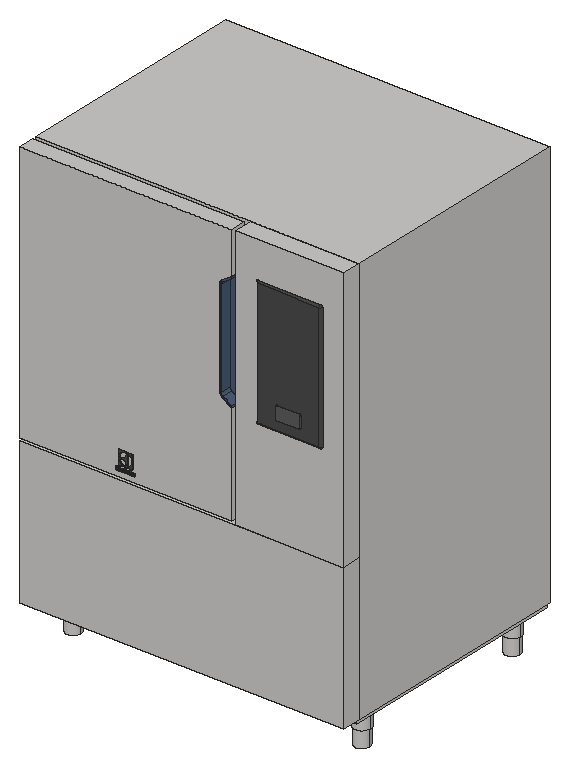
Revit family "QF_ELECTROLUXPROFESSIONAL_727742_EBFA12Q", category Specialty Equipment, Revit 2018
Family settings
  Round Connector Dimension = Use Diameter
  Part Type = Normal
  Work Plane-Based = No
  Always vertical = Yes
  Cut with Voids When Loaded = No
  Shared = No
  Room Calculation Point = No
Parameters
  Weight = 0.00 kg
  Watts = 0 W
  Volts = 208 V
  URL Manufacturer = "http://professional.electrolux.com"
  URL = "http://professional.electrolux.com"
  Steam Supply Size = 0 mm
  Steam Supply Minimum Pressure = 0.0 Pa
  Steam Supply Maximum Pressure = 0.0 Pa
  Steam Pounds per Hour = 0
  Show Logo [instance] = yes
  Show Clearance [instance] = yes
  Refrigeration Suction Line Size = 0 mm
  Refrigeration Liquid Line Size = 0 mm
  Refrigerant Compressor Remote = yes
  Manufacturer = "Electrolux"
  Phase = 3
  Model = "EBFA12Q"
  Length Actual = 1250 mm  # constant formula
  Item Number = "727742"
  Hot Water Size = 0 mm
  Height Actual = 1730 mm  # constant formula
  HP = "8.6 HP"
  Gas Size = 0 mm
  Gas KW = 0
  Gas Input Pressure = 0 W
  Direct Waste Size = 139.7 mm
  Description = "BLAST C/FR 70/70KG 10GN 2/1-208V-US-USB"
  Depth Actual = 1092 mm  # constant formula
  Cycle = 60 Hz
  Condensate Return Size = 0 mm
  Compressed Air Volume = 0.0 L/s
  Compressed Air Size = 0 mm
  Compressed Air Pressure = 0.0 Pa
  Cold Water Size = 0 mm
  Accessory = yes
Reference planes
  plane 1 "Center X": y = 205.851
  plane 2: z = 0
  plane 3 "Center Y": x = -311.5
  plane 4 "BACK": y = 703.851
  plane 5 "FRONT": y = -292.149
  plane 6: z = 130
  plane 7 "TOP": z = 1730
  plane 8: y = 608.851
  plane 9: y = 795.851
  plane 10: y = -1071.149
  plane 11 "RIGHT": x = 313.5
  plane 12 "LEFT": x = -936.5
  plane 13: x = -869.5
  plane 14: x = 246.5
  plane 15: y = -118.149
Forms (mm)
  Extrusion 1, solid, material "QF_Finishes_Stainless Steel"
    sketch origin (0, 0, 1730) x (-1, 0, 0) y (0, -1, 0)
      loop
        line (936.5, -703.851) -> (936.5, 216.149) -> (-313.5, 216.149) -> (-313.5, -703.851) -> (936.5, -703.851)
    from 0 to -1580
  Extrusion 2, solid, material "QF_Finishes_Stainless Steel"
    sketch origin (-645.92, -0.954, 258.709) x (0, 1, 0) y (0, 0, 1)
      loop
        line (704.805, 694.306) -> (704.805, 392.314) -> (789.5, 399.789)
        arc (789.5, 399.789) -> (794.702, 402.354) -> (796.805, 407.759) r 8
        line (796.805, 407.759) -> (796.805, 433.233)
        arc (796.805, 433.233) -> (792.783, 442.547) -> (796.805, 451.86) r 12.795
        line (796.805, 451.86) -> (796.805, 483.24)
        arc (796.805, 483.24) -> (792.783, 492.554) -> (796.805, 501.867) r 12.795
        line (796.805, 501.867) -> (796.805, 533.247)
        arc (796.805, 533.247) -> (792.783, 542.56) -> (796.805, 551.874) r 12.795
        line (796.805, 551.874) -> (796.805, 583.254)
        arc (796.805, 583.254) -> (792.783, 592.567) -> (796.805, 601.881) r 12.795
        line (796.805, 601.881) -> (796.805, 634.796)
        arc (796.805, 634.796) -> (795.466, 639.795) -> (791.808, 643.455) r 10
        line (791.808, 643.455) -> (704.805, 694.306)
    from 618.187 to 801.865
  Extrusion 3, solid, material "QF_Finishes_Stainless Steel"
    sketch origin (-261.647, 703.851, 2065) x (1, 0, 0) y (0, 0, -1)
      loop
        circle (482.147, 1472) r 10.5
    from 0 to 29
  Extrusion 4, solid, material "QF_Finishes_Stainless Steel"
    sketch origin (-1206.916, -1524, 130) x (-1, 0, 0) y (0, -1, 0)
      loop
        line (-270.416, -1231.851) -> (-1520.416, -1231.851) -> (-1520.416, -1306.851) -> (-270.416, -1306.851) -> (-270.416, -1231.851)
    from 580 to 20.02
  Extrusion 5, solid, material "QF_Finishes_Stainless Steel"
    sketch origin (-1206.916, -1524, 130) x (-1, 0, 0) y (0, -1, 0)
      loop
        line (-279.416, -2227.851) -> (-279.416, -1309.851) -> (-1511.416, -1309.851) -> (-1511.416, -2227.851) -> (-279.416, -2227.851)
    from 20 to 0
  Extrusion 6, solid, material "QF_Finishes_Stainless Steel"
    sketch origin (-1206.916, -1524, 130) x (0, -1, 0) y (-1, 0, 0)
      loop
        circle (-1739.851, -840.416) r 9.5
    from 0 to 31.68
  Extrusion 7, void
    sketch origin (114.08, 0, 1730) x (-1, 0, 0) y (0, -1, 0)
      loop
        line (132.09, -795.851) -> (141.813, -795.851) -> (141.813, -703.851) -> (140.183, -703.851) -> (132.09, -795.851)
      loop
        line (-40.234, -703.851) -> (-41.865, -703.851) -> (-41.865, -795.851) -> (-32.141, -795.851) -> (-40.234, -703.851)
    from -1080 to -770
  Extrusion 8, solid, material "QF_Finishes_Stainless Steel"
    sketch origin (-623, -292.149, 0) x (1, 0, 0) y (0, 0, -1)
      loop
        line (504.7, -1730) -> (504.7, -1567.97) -> (468.447, -1543.888)
        arc (468.447, -1543.888) -> (462.216, -1537.041) -> (459.96, -1528.062) r 19
        line (459.96, -1528.062) -> (459.96, -1153.149)
        arc (459.96, -1153.149) -> (462.339, -1143.688) -> (468.91, -1136.479) r 20
        line (468.91, -1136.479) -> (504.7, -1112.756) -> (504.7, -719.524) -> (-313.5, -719.524) -> (-313.5, -1730) -> (504.7, -1730)
    from 0 to 60
  Extrusion 9, solid, material "QF_Finishes_Stainless Steel"
    sketch origin (-445.5, 0, 1060.038) x (1, 0, 0) y (0, 1, 0)
      loop
        line (759, -292.149) -> (759, -217.149) -> (342, -217.149) -> (342, -292.149) -> (759, -292.149)
    from 669.962 to -349
  Extrusion 10, solid, material "QF_Door-Drawer Clearances", visible <- "Show Clearance", detail levels coarse
    sketch origin (-623, 0, 1060.038) x (1, 0, 0) y (0, 1, 0)
      loop
        line (-260.5, -292.149) -> (-260.5, -1068.649)
        arc (-260.5, -1068.649) -> (276.158, -832.215) -> (504.7, -292.149) r 795
        line (504.7, -292.149) -> (-260.5, -292.149)
    from -340.514 to 669.962
  Extrusion 11, solid, material "QF_Finishes_Stainless Steel"
    sketch origin (-569.5, -232.149, 600.072) x (1, 0, 0) y (0, 0, -1)
      loop
        line (406.46, -553.076) -> (406.46, -927.989)
        arc (406.46, -927.989) -> (408.716, -936.969) -> (414.947, -943.816) r 19
        line (414.947, -943.816) -> (451.2, -967.898) -> (451.2, -512.683) -> (415.41, -536.406)
        arc (415.41, -536.406) -> (408.839, -543.616) -> (406.46, -553.076) r 20
    from -21 to 0
  Extrusion 12, solid, material "QF_Finishes_Electrolux_Blue"
    sketch origin (-569.5, -292.149, 600.072) x (-1, 0, 0) y (0, 0, -1)
      loop
        line (-451.2, -967.898) -> (-414.947, -943.816)
        arc (-414.947, -943.816) -> (-408.716, -936.969) -> (-406.46, -927.989) r 19
        line (-406.46, -927.989) -> (-406.46, -553.076)
        arc (-406.46, -553.076) -> (-408.839, -543.616) -> (-415.41, -536.406) r 20
        line (-415.41, -536.406) -> (-451.2, -512.683) -> (-453.7, -512.683) -> (-453.7, -518.824) -> (-419.001, -541.824)
        arc (-419.001, -541.824) -> (-414.566, -546.691) -> (-412.96, -553.076) r 13.5
        line (-412.96, -553.076) -> (-412.96, -927.989)
        arc (-412.96, -927.989) -> (-414.444, -933.897) -> (-418.543, -938.401) r 12.5
        line (-418.543, -938.401) -> (-453.7, -961.755) -> (-453.7, -967.898) -> (-451.2, -967.898)
    from -39 to 1
  Extrusion 13, void
    sketch origin (136, -219.149, 1731) x (1, 0, 0) y (0, 0, -1)
      loop
        line (-387.5, 75) -> (-387.5, 977) -> (-998.5, 977) -> (-998.5, 75) -> (-387.5, 75)
    from 0 to 705
  Extrusion 14, solid, material "QF_Door-Drawer Clearances", visible <- "Show Clearance", detail levels coarse
    sketch origin (-943.5, -326.949, 0) x (0, -1, 0) y (0, 0, -1)
      loop
        line (741.7, -1730) -> (741.7, -1567.97) -> (705.447, -1543.888)
        arc (705.447, -1543.888) -> (699.216, -1537.041) -> (696.96, -1528.062) r 19
        line (696.96, -1528.062) -> (696.96, -1153.149)
        arc (696.96, -1153.149) -> (699.339, -1143.688) -> (705.91, -1136.479) r 20
        line (705.91, -1136.479) -> (741.7, -1112.756) -> (741.7, -719.524) -> (-34.8, -719.524) -> (-34.8, -1730) -> (741.7, -1730)
    from 0 to 60
  Extrusion 15, solid, material "QF_Door-Drawer Clearances", visible <- "Show Clearance", detail levels coarse
    sketch origin (-883.5, -380.449, 600.072) x (0, -1, 0) y (0, 0, -1)
      loop
        line (643.46, -553.076) -> (643.46, -927.989)
        arc (643.46, -927.989) -> (645.716, -936.969) -> (651.947, -943.816) r 19
        line (651.947, -943.816) -> (688.2, -967.898) -> (688.2, -512.683) -> (652.41, -536.406)
        arc (652.41, -536.406) -> (645.839, -543.616) -> (643.46, -553.076) r 20
    from -21 to 0
  Extrusion 16, solid, material "QF_Door-Drawer Clearances", visible <- "Show Clearance", detail levels coarse
    sketch origin (-943.5, -380.449, 600.072) x (0, 1, 0) y (0, 0, -1)
      loop
        line (-688.2, -967.898) -> (-651.947, -943.816)
        arc (-651.947, -943.816) -> (-645.716, -936.969) -> (-643.46, -927.989) r 19
        line (-643.46, -927.989) -> (-643.46, -553.076)
        arc (-643.46, -553.076) -> (-645.839, -543.616) -> (-652.41, -536.406) r 20
        line (-652.41, -536.406) -> (-688.2, -512.683) -> (-690.7, -512.683) -> (-690.7, -518.824) -> (-656.001, -541.824)
        arc (-656.001, -541.824) -> (-651.566, -546.691) -> (-649.96, -553.076) r 13.5
        line (-649.96, -553.076) -> (-649.96, -927.989)
        arc (-649.96, -927.989) -> (-651.444, -933.897) -> (-655.543, -938.401) r 12.5
        line (-655.543, -938.401) -> (-690.7, -961.755) -> (-690.7, -967.898) -> (-688.2, -967.898)
    from -39 to 1
Cuts and joins
  Extrusion 13 cuts Extrusion 1
  Extrusion 7, Extrusion 13 cuts Extrusion 2
  Extrusion 13 cuts Extrusion 3
  Extrusion 13 cuts Extrusion 5
  Extrusion 13 cuts Extrusion 6
  joined: Extrusion 1, Extrusion 2, Extrusion 3, Extrusion 5, Extrusion 6
  joined: Extrusion 10, Extrusion 14, Extrusion 15, Extrusion 16
Lines and regions (mm)
  Split face 1
    outline origin (775.107, -292.149, -365.12) x (-1, 0, 0) y (0, 0, -1)
      loop
        line (491.638, -548.639) -> (601.654, -548.639) -> (601.654, -543.665) -> (491.638, -543.665) -> (491.638, -548.639)
  Split face 2
    outline origin (775.107, -292.149, -355.62) x (-1, 0, 0) y (0, 0, -1)
      loop
        line (491.638, -548.639) -> (601.654, -548.639) -> (601.654, -543.665) -> (491.638, -543.665) -> (491.638, -548.639)
  Split face 3
    outline origin (775.107, -292.149, -346.12) x (-1, 0, 0) y (0, 0, -1)
      loop
        line (491.638, -548.639) -> (601.654, -548.639) -> (601.654, -543.665) -> (491.638, -543.665) -> (491.638, -548.639)
  Split face 4
    outline origin (775.107, -292.149, -336.62) x (-1, 0, 0) y (0, 0, -1)
      loop
        line (491.638, -548.639) -> (601.654, -548.639) -> (601.654, -543.665) -> (491.638, -543.665) -> (491.638, -548.639)
  Split face 5
    outline origin (775.107, -292.149, -327.12) x (-1, 0, 0) y (0, 0, -1)
      loop
        line (491.638, -548.639) -> (601.654, -548.639) -> (601.654, -543.665) -> (491.638, -543.665) -> (491.638, -548.639)
  Split face 6
    outline origin (775.107, -292.149, -317.619) x (-1, 0, 0) y (0, 0, -1)
      loop
        line (491.638, -548.639) -> (601.654, -548.639) -> (601.654, -543.665) -> (491.638, -543.665) -> (491.638, -548.639)
  Split face 7
    outline origin (775.107, -292.149, -308.119) x (-1, 0, 0) y (0, 0, -1)
      loop
        line (491.638, -548.639) -> (601.654, -548.639) -> (601.654, -543.665) -> (491.638, -543.665) -> (491.638, -548.639)
  Split face 8
    outline origin (775.107, -292.149, -298.619) x (-1, 0, 0) y (0, 0, -1)
      loop
        line (491.638, -548.639) -> (601.654, -548.639) -> (601.654, -543.665) -> (491.638, -543.665) -> (491.638, -548.639)
  Split face 9
    outline origin (775.107, -292.149, -289.119) x (-1, 0, 0) y (0, 0, -1)
      loop
        line (491.638, -548.639) -> (601.654, -548.639) -> (601.654, -543.665) -> (491.638, -543.665) -> (491.638, -548.639)
  Split face 10
    outline origin (775.107, -292.149, -279.619) x (-1, 0, 0) y (0, 0, -1)
      loop
        line (491.638, -548.639) -> (601.654, -548.639) -> (601.654, -543.665) -> (491.638, -543.665) -> (491.638, -548.639)
  Split face 11
    outline origin (775.107, -292.149, -270.119) x (-1, 0, 0) y (0, 0, -1)
      loop
        line (491.638, -548.639) -> (601.654, -548.639) -> (601.654, -543.665) -> (491.638, -543.665) -> (491.638, -548.639)
  Split face 12
    outline origin (775.107, -292.149, -260.619) x (-1, 0, 0) y (0, 0, -1)
      loop
        line (491.638, -548.639) -> (601.654, -548.639) -> (601.654, -543.665) -> (491.638, -543.665) -> (491.638, -548.639)
  Split face 13
    outline origin (775.107, -292.149, -251.119) x (-1, 0, 0) y (0, 0, -1)
      loop
        line (491.638, -548.639) -> (601.654, -548.639) -> (601.654, -543.665) -> (491.638, -543.665) -> (491.638, -548.639)
  Split face 14
    outline origin (775.107, -292.149, -241.619) x (-1, 0, 0) y (0, 0, -1)
      loop
        line (491.638, -548.639) -> (601.654, -548.639) -> (601.654, -543.665) -> (491.638, -543.665) -> (491.638, -548.639)
  Split face 15
    outline origin (775.107, -292.149, -232.119) x (-1, 0, 0) y (0, 0, -1)
      loop
        line (491.638, -548.639) -> (601.654, -548.639) -> (601.654, -543.665) -> (491.638, -543.665) -> (491.638, -548.639)
  Split face 16
    outline origin (775.107, -292.149, -222.619) x (-1, 0, 0) y (0, 0, -1)
      loop
        line (491.638, -548.639) -> (601.654, -548.639) -> (601.654, -543.665) -> (491.638, -543.665) -> (491.638, -548.639)
  Split face 17
    outline origin (775.107, -292.149, -213.119) x (-1, 0, 0) y (0, 0, -1)
      loop
        line (491.638, -548.639) -> (601.654, -548.639) -> (601.654, -543.665) -> (491.638, -543.665) -> (491.638, -548.639)
  Split face 18
    outline origin (775.107, -292.149, -203.619) x (-1, 0, 0) y (0, 0, -1)
      loop
        line (491.638, -548.639) -> (601.654, -548.639) -> (601.654, -543.665) -> (491.638, -543.665) -> (491.638, -548.639)
  Split face 19
    outline origin (775.107, -292.149, -194.118) x (-1, 0, 0) y (0, 0, -1)
      loop
        line (491.638, -548.639) -> (601.654, -548.639) -> (601.654, -543.665) -> (491.638, -543.665) -> (491.638, -548.639)
  Split face 20
    outline origin (775.107, -292.149, -184.618) x (-1, 0, 0) y (0, 0, -1)
      loop
        line (491.638, -548.639) -> (601.654, -548.639) -> (601.654, -543.665) -> (491.638, -543.665) -> (491.638, -548.639)
  Split face 21
    outline origin (775.107, -292.149, -175.118) x (-1, 0, 0) y (0, 0, -1)
      loop
        line (491.638, -548.639) -> (601.654, -548.639) -> (601.654, -543.665) -> (491.638, -543.665) -> (491.638, -548.639)
  Split face 22
    outline origin (775.107, -292.149, -165.618) x (-1, 0, 0) y (0, 0, -1)
      loop
        line (491.638, -548.639) -> (601.654, -548.639) -> (601.654, -543.665) -> (491.638, -543.665) -> (491.638, -548.639)
  Split face 23
    outline origin (775.107, -292.149, -156.118) x (-1, 0, 0) y (0, 0, -1)
      loop
        line (491.638, -548.639) -> (601.654, -548.639) -> (601.654, -543.665) -> (491.638, -543.665) -> (491.638, -548.639)
  Split face 24
    outline origin (775.107, -292.149, -146.618) x (-1, 0, 0) y (0, 0, -1)
      loop
        line (491.638, -548.639) -> (601.654, -548.639) -> (601.654, -543.665) -> (491.638, -543.665) -> (491.638, -548.639)
  Split face 25
    outline origin (775.107, -292.149, -137.118) x (-1, 0, 0) y (0, 0, -1)
      loop
        line (491.638, -548.639) -> (601.654, -548.639) -> (601.654, -543.665) -> (491.638, -543.665) -> (491.638, -548.639)
  Split face 26
    outline origin (775.107, -292.149, -127.618) x (-1, 0, 0) y (0, 0, -1)
      loop
        line (491.638, -548.639) -> (601.654, -548.639) -> (601.654, -543.665) -> (491.638, -543.665) -> (491.638, -548.639)
  Split face 27
    outline origin (775.107, -292.149, -118.118) x (-1, 0, 0) y (0, 0, -1)
      loop
        line (491.638, -548.639) -> (601.654, -548.639) -> (601.654, -543.665) -> (491.638, -543.665) -> (491.638, -548.639)
  Split face 28
    outline origin (775.107, -292.149, -108.618) x (-1, 0, 0) y (0, 0, -1)
      loop
        line (491.638, -548.639) -> (601.654, -548.639) -> (601.654, -543.665) -> (491.638, -543.665) -> (491.638, -548.639)
  Split face 29
    outline origin (775.107, -292.149, -99.118) x (-1, 0, 0) y (0, 0, -1)
      loop
        line (491.638, -548.639) -> (601.654, -548.639) -> (601.654, -543.665) -> (491.638, -543.665) -> (491.638, -548.639)
  Split face 30
    outline origin (775.107, -292.149, -89.618) x (-1, 0, 0) y (0, 0, -1)
      loop
        line (491.638, -548.639) -> (601.654, -548.639) -> (601.654, -543.665) -> (491.638, -543.665) -> (491.638, -548.639)
  Split face 31
    outline origin (775.107, -292.149, -80.117) x (-1, 0, 0) y (0, 0, -1)
      loop
        line (491.638, -548.639) -> (601.654, -548.639) -> (601.654, -543.665) -> (491.638, -543.665) -> (491.638, -548.639)
  Split face 32
    outline origin (775.107, -292.149, -70.617) x (-1, 0, 0) y (0, 0, -1)
      loop
        line (491.638, -548.639) -> (601.654, -548.639) -> (601.654, -543.665) -> (491.638, -543.665) -> (491.638, -548.639)
  Split face 33
    outline origin (775.107, -292.149, -61.117) x (-1, 0, 0) y (0, 0, -1)
      loop
        line (491.638, -548.639) -> (601.654, -548.639) -> (601.654, -543.665) -> (491.638, -543.665) -> (491.638, -548.639)
  Split face 34
    outline origin (775.107, -292.149, -51.617) x (-1, 0, 0) y (0, 0, -1)
      loop
        line (491.638, -548.639) -> (601.654, -548.639) -> (601.654, -543.665) -> (491.638, -543.665) -> (491.638, -548.639)
  Split face 35
    outline origin (775.107, -292.149, -42.117) x (-1, 0, 0) y (0, 0, -1)
      loop
        line (491.638, -548.639) -> (601.654, -548.639) -> (601.654, -543.665) -> (491.638, -543.665) -> (491.638, -548.639)
  Split face 36
    outline origin (775.107, -292.149, -32.617) x (-1, 0, 0) y (0, 0, -1)
      loop
        line (491.638, -548.639) -> (601.654, -548.639) -> (601.654, -543.665) -> (491.638, -543.665) -> (491.638, -548.639)
  Split face 37
    outline origin (775.107, -292.149, -23.117) x (-1, 0, 0) y (0, 0, -1)
      loop
        line (491.638, -548.639) -> (601.654, -548.639) -> (601.654, -543.665) -> (491.638, -543.665) -> (491.638, -548.639)
  Split face 38
    outline origin (775.107, -292.149, -13.617) x (-1, 0, 0) y (0, 0, -1)
      loop
        line (491.638, -548.639) -> (601.654, -548.639) -> (601.654, -543.665) -> (491.638, -543.665) -> (491.638, -548.639)
  Split face 39
    outline origin (775.107, -292.149, -4.117) x (-1, 0, 0) y (0, 0, -1)
      loop
        line (491.638, -548.639) -> (601.654, -548.639) -> (601.654, -543.665) -> (491.638, -543.665) -> (491.638, -548.639)
  Split face 40
    outline origin (775.107, -292.149, 5.383) x (-1, 0, 0) y (0, 0, -1)
      loop
        line (491.638, -548.639) -> (601.654, -548.639) -> (601.654, -543.665) -> (491.638, -543.665) -> (491.638, -548.639)
  Split face 41
    outline origin (775.107, -292.149, 14.883) x (-1, 0, 0) y (0, 0, -1)
      loop
        line (491.638, -548.639) -> (601.654, -548.639) -> (601.654, -543.665) -> (491.638, -543.665) -> (491.638, -548.639)
  Split face 42
    outline origin (655.115, -292.149, -365.12) x (-1, 0, 0) y (0, 0, -1)
      loop
        line (491.638, -548.639) -> (601.654, -548.639) -> (601.654, -543.665) -> (491.638, -543.665) -> (491.638, -548.639)
  Split face 43
    outline origin (655.115, -292.149, -355.62) x (-1, 0, 0) y (0, 0, -1)
      loop
        line (491.638, -548.639) -> (601.654, -548.639) -> (601.654, -543.665) -> (491.638, -543.665) -> (491.638, -548.639)
  Split face 44
    outline origin (655.115, -292.149, -346.12) x (-1, 0, 0) y (0, 0, -1)
      loop
        line (491.638, -548.639) -> (601.654, -548.639) -> (601.654, -543.665) -> (491.638, -543.665) -> (491.638, -548.639)
  Split face 45
    outline origin (655.115, -292.149, -336.62) x (-1, 0, 0) y (0, 0, -1)
      loop
        line (491.638, -548.639) -> (601.654, -548.639) -> (601.654, -543.665) -> (491.638, -543.665) -> (491.638, -548.639)
  Split face 46
    outline origin (655.115, -292.149, -327.12) x (-1, 0, 0) y (0, 0, -1)
      loop
        line (491.638, -548.639) -> (601.654, -548.639) -> (601.654, -543.665) -> (491.638, -543.665) -> (491.638, -548.639)
  Split face 47
    outline origin (655.115, -292.149, -317.619) x (-1, 0, 0) y (0, 0, -1)
      loop
        line (491.638, -548.639) -> (601.654, -548.639) -> (601.654, -543.665) -> (491.638, -543.665) -> (491.638, -548.639)
  Split face 48
    outline origin (655.115, -292.149, -308.119) x (-1, 0, 0) y (0, 0, -1)
      loop
        line (491.638, -548.639) -> (601.654, -548.639) -> (601.654, -543.665) -> (491.638, -543.665) -> (491.638, -548.639)
  Split face 49
    outline origin (655.115, -292.149, -298.619) x (-1, 0, 0) y (0, 0, -1)
      loop
        line (491.638, -548.639) -> (601.654, -548.639) -> (601.654, -543.665) -> (491.638, -543.665) -> (491.638, -548.639)
  Split face 50
    outline origin (655.115, -292.149, -289.119) x (-1, 0, 0) y (0, 0, -1)
      loop
        line (491.638, -548.639) -> (601.654, -548.639) -> (601.654, -543.665) -> (491.638, -543.665) -> (491.638, -548.639)
  Split face 51
    outline origin (655.115, -292.149, -279.619) x (-1, 0, 0) y (0, 0, -1)
      loop
        line (491.638, -548.639) -> (601.654, -548.639) -> (601.654, -543.665) -> (491.638, -543.665) -> (491.638, -548.639)
  Split face 52
    outline origin (655.115, -292.149, -270.119) x (-1, 0, 0) y (0, 0, -1)
      loop
        line (491.638, -548.639) -> (601.654, -548.639) -> (601.654, -543.665) -> (491.638, -543.665) -> (491.638, -548.639)
  Split face 53
    outline origin (655.115, -292.149, -260.619) x (-1, 0, 0) y (0, 0, -1)
      loop
        line (491.638, -548.639) -> (601.654, -548.639) -> (601.654, -543.665) -> (491.638, -543.665) -> (491.638, -548.639)
  Split face 54
    outline origin (655.115, -292.149, -251.119) x (-1, 0, 0) y (0, 0, -1)
      loop
        line (491.638, -548.639) -> (601.654, -548.639) -> (601.654, -543.665) -> (491.638, -543.665) -> (491.638, -548.639)
  Split face 55
    outline origin (655.115, -292.149, -241.619) x (-1, 0, 0) y (0, 0, -1)
      loop
        line (491.638, -548.639) -> (601.654, -548.639) -> (601.654, -543.665) -> (491.638, -543.665) -> (491.638, -548.639)
  Split face 56
    outline origin (655.115, -292.149, -232.119) x (-1, 0, 0) y (0, 0, -1)
      loop
        line (491.638, -548.639) -> (601.654, -548.639) -> (601.654, -543.665) -> (491.638, -543.665) -> (491.638, -548.639)
  Split face 57
    outline origin (655.115, -292.149, -222.619) x (-1, 0, 0) y (0, 0, -1)
      loop
        line (491.638, -548.639) -> (601.654, -548.639) -> (601.654, -543.665) -> (491.638, -543.665) -> (491.638, -548.639)
  Split face 58
    outline origin (655.115, -292.149, -213.119) x (-1, 0, 0) y (0, 0, -1)
      loop
        line (491.638, -548.639) -> (601.654, -548.639) -> (601.654, -543.665) -> (491.638, -543.665) -> (491.638, -548.639)
  Split face 59
    outline origin (655.115, -292.149, -203.619) x (-1, 0, 0) y (0, 0, -1)
      loop
        line (491.638, -548.639) -> (601.654, -548.639) -> (601.654, -543.665) -> (491.638, -543.665) -> (491.638, -548.639)
  Split face 60
    outline origin (655.115, -292.149, -194.118) x (-1, 0, 0) y (0, 0, -1)
      loop
        line (491.638, -548.639) -> (601.654, -548.639) -> (601.654, -543.665) -> (491.638, -543.665) -> (491.638, -548.639)
  Split face 61
    outline origin (655.115, -292.149, -184.618) x (-1, 0, 0) y (0, 0, -1)
      loop
        line (491.638, -548.639) -> (601.654, -548.639) -> (601.654, -543.665) -> (491.638, -543.665) -> (491.638, -548.639)
  Split face 62
    outline origin (655.115, -292.149, -175.118) x (-1, 0, 0) y (0, 0, -1)
      loop
        line (491.638, -548.639) -> (601.654, -548.639) -> (601.654, -543.665) -> (491.638, -543.665) -> (491.638, -548.639)
  Split face 63
    outline origin (655.115, -292.149, -165.618) x (-1, 0, 0) y (0, 0, -1)
      loop
        line (491.638, -548.639) -> (601.654, -548.639) -> (601.654, -543.665) -> (491.638, -543.665) -> (491.638, -548.639)
  Split face 64
    outline origin (655.115, -292.149, -156.118) x (-1, 0, 0) y (0, 0, -1)
      loop
        line (491.638, -548.639) -> (601.654, -548.639) -> (601.654, -543.665) -> (491.638, -543.665) -> (491.638, -548.639)
  Split face 65
    outline origin (655.115, -292.149, -146.618) x (-1, 0, 0) y (0, 0, -1)
      loop
        line (491.638, -548.639) -> (601.654, -548.639) -> (601.654, -543.665) -> (491.638, -543.665) -> (491.638, -548.639)
  Split face 66
    outline origin (655.115, -292.149, -137.118) x (-1, 0, 0) y (0, 0, -1)
      loop
        line (491.638, -548.639) -> (601.654, -548.639) -> (601.654, -543.665) -> (491.638, -543.665) -> (491.638, -548.639)
  Split face 67
    outline origin (655.115, -292.149, -127.618) x (-1, 0, 0) y (0, 0, -1)
      loop
        line (491.638, -548.639) -> (601.654, -548.639) -> (601.654, -543.665) -> (491.638, -543.665) -> (491.638, -548.639)
  Split face 68
    outline origin (655.115, -292.149, -118.118) x (-1, 0, 0) y (0, 0, -1)
      loop
        line (491.638, -548.639) -> (601.654, -548.639) -> (601.654, -543.665) -> (491.638, -543.665) -> (491.638, -548.639)
  Split face 69
    outline origin (655.115, -292.149, -108.618) x (-1, 0, 0) y (0, 0, -1)
      loop
        line (491.638, -548.639) -> (601.654, -548.639) -> (601.654, -543.665) -> (491.638, -543.665) -> (491.638, -548.639)
  Split face 70
    outline origin (655.115, -292.149, -99.118) x (-1, 0, 0) y (0, 0, -1)
      loop
        line (491.638, -548.639) -> (601.654, -548.639) -> (601.654, -543.665) -> (491.638, -543.665) -> (491.638, -548.639)
  Split face 71
    outline origin (655.115, -292.149, -89.618) x (-1, 0, 0) y (0, 0, -1)
      loop
        line (491.638, -548.639) -> (601.654, -548.639) -> (601.654, -543.665) -> (491.638, -543.665) -> (491.638, -548.639)
  Split face 72
    outline origin (655.115, -292.149, -80.117) x (-1, 0, 0) y (0, 0, -1)
      loop
        line (491.638, -548.639) -> (601.654, -548.639) -> (601.654, -543.665) -> (491.638, -543.665) -> (491.638, -548.639)
  Split face 73
    outline origin (655.115, -292.149, -70.617) x (-1, 0, 0) y (0, 0, -1)
      loop
        line (491.638, -548.639) -> (601.654, -548.639) -> (601.654, -543.665) -> (491.638, -543.665) -> (491.638, -548.639)
  Split face 74
    outline origin (655.115, -292.149, -61.117) x (-1, 0, 0) y (0, 0, -1)
      loop
        line (491.638, -548.639) -> (601.654, -548.639) -> (601.654, -543.665) -> (491.638, -543.665) -> (491.638, -548.639)
  Split face 75
    outline origin (655.115, -292.149, -51.617) x (-1, 0, 0) y (0, 0, -1)
      loop
        line (491.638, -548.639) -> (601.654, -548.639) -> (601.654, -543.665) -> (491.638, -543.665) -> (491.638, -548.639)
  Split face 76
    outline origin (655.115, -292.149, -42.117) x (-1, 0, 0) y (0, 0, -1)
      loop
        line (491.638, -548.639) -> (601.654, -548.639) -> (601.654, -543.665) -> (491.638, -543.665) -> (491.638, -548.639)
  Split face 77
    outline origin (655.115, -292.149, -32.617) x (-1, 0, 0) y (0, 0, -1)
      loop
        line (491.638, -548.639) -> (601.654, -548.639) -> (601.654, -543.665) -> (491.638, -543.665) -> (491.638, -548.639)
  Split face 78
    outline origin (655.115, -292.149, -23.117) x (-1, 0, 0) y (0, 0, -1)
      loop
        line (491.638, -548.639) -> (601.654, -548.639) -> (601.654, -543.665) -> (491.638, -543.665) -> (491.638, -548.639)
  Split face 79
    outline origin (655.115, -292.149, -13.617) x (-1, 0, 0) y (0, 0, -1)
      loop
        line (491.638, -548.639) -> (601.654, -548.639) -> (601.654, -543.665) -> (491.638, -543.665) -> (491.638, -548.639)
  Split face 80
    outline origin (655.115, -292.149, -4.117) x (-1, 0, 0) y (0, 0, -1)
      loop
        line (491.638, -548.639) -> (601.654, -548.639) -> (601.654, -543.665) -> (491.638, -543.665) -> (491.638, -548.639)
  Split face 81
    outline origin (655.115, -292.149, 5.383) x (-1, 0, 0) y (0, 0, -1)
      loop
        line (491.638, -548.639) -> (601.654, -548.639) -> (601.654, -543.665) -> (491.638, -543.665) -> (491.638, -548.639)
  Split face 82
    outline origin (655.115, -292.149, 14.883) x (-1, 0, 0) y (0, 0, -1)
      loop
        line (491.638, -548.639) -> (601.654, -548.639) -> (601.654, -543.665) -> (491.638, -543.665) -> (491.638, -548.639)
  Split face 83
    outline origin (535.124, -292.149, -365.12) x (-1, 0, 0) y (0, 0, -1)
      loop
        line (491.638, -548.639) -> (601.654, -548.639) -> (601.654, -543.665) -> (491.638, -543.665) -> (491.638, -548.639)
  Split face 84
    outline origin (535.124, -292.149, -355.62) x (-1, 0, 0) y (0, 0, -1)
      loop
        line (491.638, -548.639) -> (601.654, -548.639) -> (601.654, -543.665) -> (491.638, -543.665) -> (491.638, -548.639)
  Split face 85
    outline origin (535.124, -292.149, -346.12) x (-1, 0, 0) y (0, 0, -1)
      loop
        line (491.638, -548.639) -> (601.654, -548.639) -> (601.654, -543.665) -> (491.638, -543.665) -> (491.638, -548.639)
  Split face 86
    outline origin (535.124, -292.149, -336.62) x (-1, 0, 0) y (0, 0, -1)
      loop
        line (491.638, -548.639) -> (601.654, -548.639) -> (601.654, -543.665) -> (491.638, -543.665) -> (491.638, -548.639)
  Split face 87
    outline origin (535.124, -292.149, -327.12) x (-1, 0, 0) y (0, 0, -1)
      loop
        line (491.638, -548.639) -> (601.654, -548.639) -> (601.654, -543.665) -> (491.638, -543.665) -> (491.638, -548.639)
  Split face 88
    outline origin (535.124, -292.149, -317.619) x (-1, 0, 0) y (0, 0, -1)
      loop
        line (491.638, -548.639) -> (601.654, -548.639) -> (601.654, -543.665) -> (491.638, -543.665) -> (491.638, -548.639)
  Split face 89
    outline origin (535.124, -292.149, -308.119) x (-1, 0, 0) y (0, 0, -1)
      loop
        line (491.638, -548.639) -> (601.654, -548.639) -> (601.654, -543.665) -> (491.638, -543.665) -> (491.638, -548.639)
  Split face 90
    outline origin (535.124, -292.149, -298.619) x (-1, 0, 0) y (0, 0, -1)
      loop
        line (491.638, -548.639) -> (601.654, -548.639) -> (601.654, -543.665) -> (491.638, -543.665) -> (491.638, -548.639)
  Split face 91
    outline origin (535.124, -292.149, -289.119) x (-1, 0, 0) y (0, 0, -1)
      loop
        line (491.638, -548.639) -> (601.654, -548.639) -> (601.654, -543.665) -> (491.638, -543.665) -> (491.638, -548.639)
  Split face 92
    outline origin (535.124, -292.149, -279.619) x (-1, 0, 0) y (0, 0, -1)
      loop
        line (491.638, -548.639) -> (601.654, -548.639) -> (601.654, -543.665) -> (491.638, -543.665) -> (491.638, -548.639)
  Split face 93
    outline origin (535.124, -292.149, -270.119) x (-1, 0, 0) y (0, 0, -1)
      loop
        line (491.638, -548.639) -> (601.654, -548.639) -> (601.654, -543.665) -> (491.638, -543.665) -> (491.638, -548.639)
  Split face 94
    outline origin (535.124, -292.149, -260.619) x (-1, 0, 0) y (0, 0, -1)
      loop
        line (491.638, -548.639) -> (601.654, -548.639) -> (601.654, -543.665) -> (491.638, -543.665) -> (491.638, -548.639)
  Split face 95
    outline origin (535.124, -292.149, -251.119) x (-1, 0, 0) y (0, 0, -1)
      loop
        line (491.638, -548.639) -> (601.654, -548.639) -> (601.654, -543.665) -> (491.638, -543.665) -> (491.638, -548.639)
  Split face 96
    outline origin (535.124, -292.149, -241.619) x (-1, 0, 0) y (0, 0, -1)
      loop
        line (491.638, -548.639) -> (601.654, -548.639) -> (601.654, -543.665) -> (491.638, -543.665) -> (491.638, -548.639)
  Split face 97
    outline origin (535.124, -292.149, -232.119) x (-1, 0, 0) y (0, 0, -1)
      loop
        line (491.638, -548.639) -> (601.654, -548.639) -> (601.654, -543.665) -> (491.638, -543.665) -> (491.638, -548.639)
  Split face 98
    outline origin (535.124, -292.149, -222.619) x (-1, 0, 0) y (0, 0, -1)
      loop
        line (491.638, -548.639) -> (601.654, -548.639) -> (601.654, -543.665) -> (491.638, -543.665) -> (491.638, -548.639)
  Split face 99
    outline origin (535.124, -292.149, -213.119) x (-1, 0, 0) y (0, 0, -1)
      loop
        line (491.638, -548.639) -> (601.654, -548.639) -> (601.654, -543.665) -> (491.638, -543.665) -> (491.638, -548.639)
  Split face 100
    outline origin (535.124, -292.149, -203.619) x (-1, 0, 0) y (0, 0, -1)
      loop
        line (491.638, -548.639) -> (601.654, -548.639) -> (601.654, -543.665) -> (491.638, -543.665) -> (491.638, -548.639)
  Split face 101
    outline origin (535.124, -292.149, -194.118) x (-1, 0, 0) y (0, 0, -1)
      loop
        line (491.638, -548.639) -> (601.654, -548.639) -> (601.654, -543.665) -> (491.638, -543.665) -> (491.638, -548.639)
  Split face 102
    outline origin (535.124, -292.149, -184.618) x (-1, 0, 0) y (0, 0, -1)
      loop
        line (491.638, -548.639) -> (601.654, -548.639) -> (601.654, -543.665) -> (491.638, -543.665) -> (491.638, -548.639)
  Split face 103
    outline origin (535.124, -292.149, -175.118) x (-1, 0, 0) y (0, 0, -1)
      loop
        line (491.638, -548.639) -> (601.654, -548.639) -> (601.654, -543.665) -> (491.638, -543.665) -> (491.638, -548.639)
  Split face 104
    outline origin (535.124, -292.149, -165.618) x (-1, 0, 0) y (0, 0, -1)
      loop
        line (491.638, -548.639) -> (601.654, -548.639) -> (601.654, -543.665) -> (491.638, -543.665) -> (491.638, -548.639)
  Split face 105
    outline origin (535.124, -292.149, -156.118) x (-1, 0, 0) y (0, 0, -1)
      loop
        line (491.638, -548.639) -> (601.654, -548.639) -> (601.654, -543.665) -> (491.638, -543.665) -> (491.638, -548.639)
  Split face 106
    outline origin (535.124, -292.149, -146.618) x (-1, 0, 0) y (0, 0, -1)
      loop
        line (491.638, -548.639) -> (601.654, -548.639) -> (601.654, -543.665) -> (491.638, -543.665) -> (491.638, -548.639)
  Split face 107
    outline origin (535.124, -292.149, -137.118) x (-1, 0, 0) y (0, 0, -1)
      loop
        line (491.638, -548.639) -> (601.654, -548.639) -> (601.654, -543.665) -> (491.638, -543.665) -> (491.638, -548.639)
  Split face 108
    outline origin (535.124, -292.149, -127.618) x (-1, 0, 0) y (0, 0, -1)
      loop
        line (491.638, -548.639) -> (601.654, -548.639) -> (601.654, -543.665) -> (491.638, -543.665) -> (491.638, -548.639)
  Split face 109
    outline origin (535.124, -292.149, -118.118) x (-1, 0, 0) y (0, 0, -1)
      loop
        line (491.638, -548.639) -> (601.654, -548.639) -> (601.654, -543.665) -> (491.638, -543.665) -> (491.638, -548.639)
  Split face 110
    outline origin (535.124, -292.149, -108.618) x (-1, 0, 0) y (0, 0, -1)
      loop
        line (491.638, -548.639) -> (601.654, -548.639) -> (601.654, -543.665) -> (491.638, -543.665) -> (491.638, -548.639)
  Split face 111
    outline origin (535.124, -292.149, -99.118) x (-1, 0, 0) y (0, 0, -1)
      loop
        line (491.638, -548.639) -> (601.654, -548.639) -> (601.654, -543.665) -> (491.638, -543.665) -> (491.638, -548.639)
  Split face 112
    outline origin (535.124, -292.149, -89.618) x (-1, 0, 0) y (0, 0, -1)
      loop
        line (491.638, -548.639) -> (601.654, -548.639) -> (601.654, -543.665) -> (491.638, -543.665) -> (491.638, -548.639)
  Split face 113
    outline origin (535.124, -292.149, -80.117) x (-1, 0, 0) y (0, 0, -1)
      loop
        line (491.638, -548.639) -> (601.654, -548.639) -> (601.654, -543.665) -> (491.638, -543.665) -> (491.638, -548.639)
  Split face 114
    outline origin (535.124, -292.149, -70.617) x (-1, 0, 0) y (0, 0, -1)
      loop
        line (491.638, -548.639) -> (601.654, -548.639) -> (601.654, -543.665) -> (491.638, -543.665) -> (491.638, -548.639)
  Split face 115
    outline origin (535.124, -292.149, -61.117) x (-1, 0, 0) y (0, 0, -1)
      loop
        line (491.638, -548.639) -> (601.654, -548.639) -> (601.654, -543.665) -> (491.638, -543.665) -> (491.638, -548.639)
  Split face 116
    outline origin (535.124, -292.149, -51.617) x (-1, 0, 0) y (0, 0, -1)
      loop
        line (491.638, -548.639) -> (601.654, -548.639) -> (601.654, -543.665) -> (491.638, -543.665) -> (491.638, -548.639)
  Split face 117
    outline origin (535.124, -292.149, -42.117) x (-1, 0, 0) y (0, 0, -1)
      loop
        line (491.638, -548.639) -> (601.654, -548.639) -> (601.654, -543.665) -> (491.638, -543.665) -> (491.638, -548.639)
  Split face 118
    outline origin (535.124, -292.149, -32.617) x (-1, 0, 0) y (0, 0, -1)
      loop
        line (491.638, -548.639) -> (601.654, -548.639) -> (601.654, -543.665) -> (491.638, -543.665) -> (491.638, -548.639)
  Split face 119
    outline origin (535.124, -292.149, -23.117) x (-1, 0, 0) y (0, 0, -1)
      loop
        line (491.638, -548.639) -> (601.654, -548.639) -> (601.654, -543.665) -> (491.638, -543.665) -> (491.638, -548.639)
  Split face 120
    outline origin (535.124, -292.149, -13.617) x (-1, 0, 0) y (0, 0, -1)
      loop
        line (491.638, -548.639) -> (601.654, -548.639) -> (601.654, -543.665) -> (491.638, -543.665) -> (491.638, -548.639)
  Split face 121
    outline origin (535.124, -292.149, -4.117) x (-1, 0, 0) y (0, 0, -1)
      loop
        line (491.638, -548.639) -> (601.654, -548.639) -> (601.654, -543.665) -> (491.638, -543.665) -> (491.638, -548.639)
  Split face 122
    outline origin (535.124, -292.149, 5.383) x (-1, 0, 0) y (0, 0, -1)
      loop
        line (491.638, -548.639) -> (601.654, -548.639) -> (601.654, -543.665) -> (491.638, -543.665) -> (491.638, -548.639)
  Split face 123
    outline origin (535.124, -292.149, 14.883) x (-1, 0, 0) y (0, 0, -1)
      loop
        line (491.638, -548.639) -> (601.654, -548.639) -> (601.654, -543.665) -> (491.638, -543.665) -> (491.638, -548.639)
  Split face 124
    outline origin (415.133, -292.149, -365.12) x (-1, 0, 0) y (0, 0, -1)
      loop
        line (491.638, -548.639) -> (601.654, -548.639) -> (601.654, -543.665) -> (491.638, -543.665) -> (491.638, -548.639)
  Split face 125
    outline origin (415.133, -292.149, -355.62) x (-1, 0, 0) y (0, 0, -1)
      loop
        line (491.638, -548.639) -> (601.654, -548.639) -> (601.654, -543.665) -> (491.638, -543.665) -> (491.638, -548.639)
  Split face 126
    outline origin (415.133, -292.149, -346.12) x (-1, 0, 0) y (0, 0, -1)
      loop
        line (491.638, -548.639) -> (601.654, -548.639) -> (601.654, -543.665) -> (491.638, -543.665) -> (491.638, -548.639)
  Split face 127
    outline origin (415.133, -292.149, -336.62) x (-1, 0, 0) y (0, 0, -1)
      loop
        line (491.638, -548.639) -> (601.654, -548.639) -> (601.654, -543.665) -> (491.638, -543.665) -> (491.638, -548.639)
  Split face 128
    outline origin (415.133, -292.149, -327.12) x (-1, 0, 0) y (0, 0, -1)
      loop
        line (491.638, -548.639) -> (601.654, -548.639) -> (601.654, -543.665) -> (491.638, -543.665) -> (491.638, -548.639)
  Split face 129
    outline origin (415.133, -292.149, -317.619) x (-1, 0, 0) y (0, 0, -1)
      loop
        line (491.638, -548.639) -> (601.654, -548.639) -> (601.654, -543.665) -> (491.638, -543.665) -> (491.638, -548.639)
  Split face 130
    outline origin (415.133, -292.149, -308.119) x (-1, 0, 0) y (0, 0, -1)
      loop
        line (491.638, -548.639) -> (601.654, -548.639) -> (601.654, -543.665) -> (491.638, -543.665) -> (491.638, -548.639)
  Split face 131
    outline origin (415.133, -292.149, -298.619) x (-1, 0, 0) y (0, 0, -1)
      loop
        line (491.638, -548.639) -> (601.654, -548.639) -> (601.654, -543.665) -> (491.638, -543.665) -> (491.638, -548.639)
  Split face 132
    outline origin (415.133, -292.149, -289.119) x (-1, 0, 0) y (0, 0, -1)
      loop
        line (491.638, -548.639) -> (601.654, -548.639) -> (601.654, -543.665) -> (491.638, -543.665) -> (491.638, -548.639)
  Split face 133
    outline origin (415.133, -292.149, -279.619) x (-1, 0, 0) y (0, 0, -1)
      loop
        line (491.638, -548.639) -> (601.654, -548.639) -> (601.654, -543.665) -> (491.638, -543.665) -> (491.638, -548.639)
  Split face 134
    outline origin (415.133, -292.149, -270.119) x (-1, 0, 0) y (0, 0, -1)
      loop
        line (491.638, -548.639) -> (601.654, -548.639) -> (601.654, -543.665) -> (491.638, -543.665) -> (491.638, -548.639)
  Split face 135
    outline origin (415.133, -292.149, -260.619) x (-1, 0, 0) y (0, 0, -1)
      loop
        line (491.638, -548.639) -> (601.654, -548.639) -> (601.654, -543.665) -> (491.638, -543.665) -> (491.638, -548.639)
  Split face 136
    outline origin (415.133, -292.149, -251.119) x (-1, 0, 0) y (0, 0, -1)
      loop
        line (491.638, -548.639) -> (601.654, -548.639) -> (601.654, -543.665) -> (491.638, -543.665) -> (491.638, -548.639)
  Split face 137
    outline origin (415.133, -292.149, -241.619) x (-1, 0, 0) y (0, 0, -1)
      loop
        line (491.638, -548.639) -> (601.654, -548.639) -> (601.654, -543.665) -> (491.638, -543.665) -> (491.638, -548.639)
  Split face 138
    outline origin (415.133, -292.149, -232.119) x (-1, 0, 0) y (0, 0, -1)
      loop
        line (491.638, -548.639) -> (601.654, -548.639) -> (601.654, -543.665) -> (491.638, -543.665) -> (491.638, -548.639)
  Split face 139
    outline origin (415.133, -292.149, -222.619) x (-1, 0, 0) y (0, 0, -1)
      loop
        line (491.638, -548.639) -> (601.654, -548.639) -> (601.654, -543.665) -> (491.638, -543.665) -> (491.638, -548.639)
  Split face 140
    outline origin (415.133, -292.149, -213.119) x (-1, 0, 0) y (0, 0, -1)
      loop
        line (491.638, -548.639) -> (601.654, -548.639) -> (601.654, -543.665) -> (491.638, -543.665) -> (491.638, -548.639)
  Split face 141
    outline origin (415.133, -292.149, -203.619) x (-1, 0, 0) y (0, 0, -1)
      loop
        line (491.638, -548.639) -> (601.654, -548.639) -> (601.654, -543.665) -> (491.638, -543.665) -> (491.638, -548.639)
  Split face 142
    outline origin (415.133, -292.149, -194.118) x (-1, 0, 0) y (0, 0, -1)
      loop
        line (491.638, -548.639) -> (601.654, -548.639) -> (601.654, -543.665) -> (491.638, -543.665) -> (491.638, -548.639)
  Split face 143
    outline origin (415.133, -292.149, -184.618) x (-1, 0, 0) y (0, 0, -1)
      loop
        line (491.638, -548.639) -> (601.654, -548.639) -> (601.654, -543.665) -> (491.638, -543.665) -> (491.638, -548.639)
  Split face 144
    outline origin (415.133, -292.149, -175.118) x (-1, 0, 0) y (0, 0, -1)
      loop
        line (491.638, -548.639) -> (601.654, -548.639) -> (601.654, -543.665) -> (491.638, -543.665) -> (491.638, -548.639)
  Split face 145
    outline origin (415.133, -292.149, -165.618) x (-1, 0, 0) y (0, 0, -1)
      loop
        line (491.638, -548.639) -> (601.654, -548.639) -> (601.654, -543.665) -> (491.638, -543.665) -> (491.638, -548.639)
  Split face 146
    outline origin (415.133, -292.149, -156.118) x (-1, 0, 0) y (0, 0, -1)
      loop
        line (491.638, -548.639) -> (601.654, -548.639) -> (601.654, -543.665) -> (491.638, -543.665) -> (491.638, -548.639)
  Split face 147
    outline origin (415.133, -292.149, -146.618) x (-1, 0, 0) y (0, 0, -1)
      loop
        line (491.638, -548.639) -> (601.654, -548.639) -> (601.654, -543.665) -> (491.638, -543.665) -> (491.638, -548.639)
  Split face 148
    outline origin (415.133, -292.149, -137.118) x (-1, 0, 0) y (0, 0, -1)
      loop
        line (491.638, -548.639) -> (601.654, -548.639) -> (601.654, -543.665) -> (491.638, -543.665) -> (491.638, -548.639)
  Split face 149
    outline origin (415.133, -292.149, -127.618) x (-1, 0, 0) y (0, 0, -1)
      loop
        line (491.638, -548.639) -> (601.654, -548.639) -> (601.654, -543.665) -> (491.638, -543.665) -> (491.638, -548.639)
  Split face 150
    outline origin (415.133, -292.149, -118.118) x (-1, 0, 0) y (0, 0, -1)
      loop
        line (491.638, -548.639) -> (601.654, -548.639) -> (601.654, -543.665) -> (491.638, -543.665) -> (491.638, -548.639)
  Split face 151
    outline origin (415.133, -292.149, -108.618) x (-1, 0, 0) y (0, 0, -1)
      loop
        line (491.638, -548.639) -> (601.654, -548.639) -> (601.654, -543.665) -> (491.638, -543.665) -> (491.638, -548.639)
  Split face 152
    outline origin (415.133, -292.149, -99.118) x (-1, 0, 0) y (0, 0, -1)
      loop
        line (491.638, -548.639) -> (601.654, -548.639) -> (601.654, -543.665) -> (491.638, -543.665) -> (491.638, -548.639)
  Split face 153
    outline origin (415.133, -292.149, -89.618) x (-1, 0, 0) y (0, 0, -1)
      loop
        line (491.638, -548.639) -> (601.654, -548.639) -> (601.654, -543.665) -> (491.638, -543.665) -> (491.638, -548.639)
  Split face 154
    outline origin (415.133, -292.149, -80.117) x (-1, 0, 0) y (0, 0, -1)
      loop
        line (491.638, -548.639) -> (601.654, -548.639) -> (601.654, -543.665) -> (491.638, -543.665) -> (491.638, -548.639)
  Split face 155
    outline origin (415.133, -292.149, -70.617) x (-1, 0, 0) y (0, 0, -1)
      loop
        line (491.638, -548.639) -> (601.654, -548.639) -> (601.654, -543.665) -> (491.638, -543.665) -> (491.638, -548.639)
  Split face 156
    outline origin (415.133, -292.149, -61.117) x (-1, 0, 0) y (0, 0, -1)
      loop
        line (491.638, -548.639) -> (601.654, -548.639) -> (601.654, -543.665) -> (491.638, -543.665) -> (491.638, -548.639)
  Split face 157
    outline origin (415.133, -292.149, -51.617) x (-1, 0, 0) y (0, 0, -1)
      loop
        line (491.638, -548.639) -> (601.654, -548.639) -> (601.654, -543.665) -> (491.638, -543.665) -> (491.638, -548.639)
  Split face 158
    outline origin (415.133, -292.149, -42.117) x (-1, 0, 0) y (0, 0, -1)
      loop
        line (491.638, -548.639) -> (601.654, -548.639) -> (601.654, -543.665) -> (491.638, -543.665) -> (491.638, -548.639)
  Split face 159
    outline origin (415.133, -292.149, -32.617) x (-1, 0, 0) y (0, 0, -1)
      loop
        line (491.638, -548.639) -> (601.654, -548.639) -> (601.654, -543.665) -> (491.638, -543.665) -> (491.638, -548.639)
  Split face 160
    outline origin (415.133, -292.149, -23.117) x (-1, 0, 0) y (0, 0, -1)
      loop
        line (491.638, -548.639) -> (601.654, -548.639) -> (601.654, -543.665) -> (491.638, -543.665) -> (491.638, -548.639)
  Split face 161
    outline origin (415.133, -292.149, -13.617) x (-1, 0, 0) y (0, 0, -1)
      loop
        line (491.638, -548.639) -> (601.654, -548.639) -> (601.654, -543.665) -> (491.638, -543.665) -> (491.638, -548.639)
  Split face 162
    outline origin (415.133, -292.149, -4.117) x (-1, 0, 0) y (0, 0, -1)
      loop
        line (491.638, -548.639) -> (601.654, -548.639) -> (601.654, -543.665) -> (491.638, -543.665) -> (491.638, -548.639)
  Split face 163
    outline origin (415.133, -292.149, 5.383) x (-1, 0, 0) y (0, 0, -1)
      loop
        line (491.638, -548.639) -> (601.654, -548.639) -> (601.654, -543.665) -> (491.638, -543.665) -> (491.638, -548.639)
  Split face 164
    outline origin (415.133, -292.149, 14.883) x (-1, 0, 0) y (0, 0, -1)
      loop
        line (491.638, -548.639) -> (601.654, -548.639) -> (601.654, -543.665) -> (491.638, -543.665) -> (491.638, -548.639)
  Split face 165
    outline origin (290.168, -292.149, -365.12) x (-1, 0, 0) y (0, 0, -1)
      loop
        line (846.638, -548.639) -> (956.654, -548.639) -> (956.654, -543.665) -> (846.638, -543.665) -> (846.638, -548.639)
  Split face 166
    outline origin (290.168, -292.149, -355.62) x (-1, 0, 0) y (0, 0, -1)
      loop
        line (846.638, -548.639) -> (956.654, -548.639) -> (956.654, -543.665) -> (846.638, -543.665) -> (846.638, -548.639)
  Split face 167
    outline origin (290.168, -292.149, -346.12) x (-1, 0, 0) y (0, 0, -1)
      loop
        line (846.638, -548.639) -> (956.654, -548.639) -> (956.654, -543.665) -> (846.638, -543.665) -> (846.638, -548.639)
  Split face 168
    outline origin (290.168, -292.149, -336.62) x (-1, 0, 0) y (0, 0, -1)
      loop
        line (846.638, -548.639) -> (956.654, -548.639) -> (956.654, -543.665) -> (846.638, -543.665) -> (846.638, -548.639)
  Split face 169
    outline origin (290.168, -292.149, -327.12) x (-1, 0, 0) y (0, 0, -1)
      loop
        line (846.638, -548.639) -> (956.654, -548.639) -> (956.654, -543.665) -> (846.638, -543.665) -> (846.638, -548.639)
  Split face 170
    outline origin (290.168, -292.149, -317.619) x (-1, 0, 0) y (0, 0, -1)
      loop
        line (846.638, -548.639) -> (956.654, -548.639) -> (956.654, -543.665) -> (846.638, -543.665) -> (846.638, -548.639)
  Split face 171
    outline origin (290.168, -292.149, -308.119) x (-1, 0, 0) y (0, 0, -1)
      loop
        line (846.638, -548.639) -> (956.654, -548.639) -> (956.654, -543.665) -> (846.638, -543.665) -> (846.638, -548.639)
  Split face 172
    outline origin (290.168, -292.149, -298.619) x (-1, 0, 0) y (0, 0, -1)
      loop
        line (846.638, -548.639) -> (956.654, -548.639) -> (956.654, -543.665) -> (846.638, -543.665) -> (846.638, -548.639)
  Split face 173
    outline origin (290.168, -292.149, -289.119) x (-1, 0, 0) y (0, 0, -1)
      loop
        line (846.638, -548.639) -> (956.654, -548.639) -> (956.654, -543.665) -> (846.638, -543.665) -> (846.638, -548.639)
  Split face 174
    outline origin (290.168, -292.149, -279.619) x (-1, 0, 0) y (0, 0, -1)
      loop
        line (846.638, -548.639) -> (956.654, -548.639) -> (956.654, -543.665) -> (846.638, -543.665) -> (846.638, -548.639)
  Split face 175
    outline origin (290.168, -292.149, -270.119) x (-1, 0, 0) y (0, 0, -1)
      loop
        line (846.638, -548.639) -> (956.654, -548.639) -> (956.654, -543.665) -> (846.638, -543.665) -> (846.638, -548.639)
  Split face 176
    outline origin (290.168, -292.149, -260.619) x (-1, 0, 0) y (0, 0, -1)
      loop
        line (846.638, -548.639) -> (956.654, -548.639) -> (956.654, -543.665) -> (846.638, -543.665) -> (846.638, -548.639)
  Split face 177
    outline origin (290.168, -292.149, -251.119) x (-1, 0, 0) y (0, 0, -1)
      loop
        line (846.638, -548.639) -> (956.654, -548.639) -> (956.654, -543.665) -> (846.638, -543.665) -> (846.638, -548.639)
  Split face 178
    outline origin (290.168, -292.149, -241.619) x (-1, 0, 0) y (0, 0, -1)
      loop
        line (846.638, -548.639) -> (956.654, -548.639) -> (956.654, -543.665) -> (846.638, -543.665) -> (846.638, -548.639)
  Split face 179
    outline origin (290.168, -292.149, -232.119) x (-1, 0, 0) y (0, 0, -1)
      loop
        line (846.638, -548.639) -> (956.654, -548.639) -> (956.654, -543.665) -> (846.638, -543.665) -> (846.638, -548.639)
  Split face 180
    outline origin (290.168, -292.149, -222.619) x (-1, 0, 0) y (0, 0, -1)
      loop
        line (846.638, -548.639) -> (956.654, -548.639) -> (956.654, -543.665) -> (846.638, -543.665) -> (846.638, -548.639)
  Split face 181
    outline origin (290.168, -292.149, -213.119) x (-1, 0, 0) y (0, 0, -1)
      loop
        line (846.638, -548.639) -> (956.654, -548.639) -> (956.654, -543.665) -> (846.638, -543.665) -> (846.638, -548.639)
  Split face 182
    outline origin (290.168, -292.149, -203.619) x (-1, 0, 0) y (0, 0, -1)
      loop
        line (846.638, -548.639) -> (956.654, -548.639) -> (956.654, -543.665) -> (846.638, -543.665) -> (846.638, -548.639)
  Split face 183
    outline origin (290.168, -292.149, -194.118) x (-1, 0, 0) y (0, 0, -1)
      loop
        line (846.638, -548.639) -> (956.654, -548.639) -> (956.654, -543.665) -> (846.638, -543.665) -> (846.638, -548.639)
  Split face 184
    outline origin (290.168, -292.149, -184.618) x (-1, 0, 0) y (0, 0, -1)
      loop
        line (846.638, -548.639) -> (956.654, -548.639) -> (956.654, -543.665) -> (846.638, -543.665) -> (846.638, -548.639)
  Split face 185
    outline origin (290.168, -292.149, -175.118) x (-1, 0, 0) y (0, 0, -1)
      loop
        line (846.638, -548.639) -> (956.654, -548.639) -> (956.654, -543.665) -> (846.638, -543.665) -> (846.638, -548.639)
  Split face 186
    outline origin (290.168, -292.149, -165.618) x (-1, 0, 0) y (0, 0, -1)
      loop
        line (846.638, -548.639) -> (956.654, -548.639) -> (956.654, -543.665) -> (846.638, -543.665) -> (846.638, -548.639)
  Split face 187
    outline origin (290.168, -292.149, -156.118) x (-1, 0, 0) y (0, 0, -1)
      loop
        line (846.638, -548.639) -> (956.654, -548.639) -> (956.654, -543.665) -> (846.638, -543.665) -> (846.638, -548.639)
  Split face 188
    outline origin (290.168, -292.149, -146.618) x (-1, 0, 0) y (0, 0, -1)
      loop
        line (846.638, -548.639) -> (956.654, -548.639) -> (956.654, -543.665) -> (846.638, -543.665) -> (846.638, -548.639)
  Split face 189
    outline origin (290.168, -292.149, -137.118) x (-1, 0, 0) y (0, 0, -1)
      loop
        line (846.638, -548.639) -> (956.654, -548.639) -> (956.654, -543.665) -> (846.638, -543.665) -> (846.638, -548.639)
  Split face 190
    outline origin (290.168, -292.149, -127.618) x (-1, 0, 0) y (0, 0, -1)
      loop
        line (846.638, -548.639) -> (956.654, -548.639) -> (956.654, -543.665) -> (846.638, -543.665) -> (846.638, -548.639)
  Split face 191
    outline origin (290.168, -292.149, -118.118) x (-1, 0, 0) y (0, 0, -1)
      loop
        line (846.638, -548.639) -> (956.654, -548.639) -> (956.654, -543.665) -> (846.638, -543.665) -> (846.638, -548.639)
  Split face 192
    outline origin (290.168, -292.149, -108.618) x (-1, 0, 0) y (0, 0, -1)
      loop
        line (846.638, -548.639) -> (956.654, -548.639) -> (956.654, -543.665) -> (846.638, -543.665) -> (846.638, -548.639)
  Split face 193
    outline origin (290.168, -292.149, -99.118) x (-1, 0, 0) y (0, 0, -1)
      loop
        line (846.638, -548.639) -> (956.654, -548.639) -> (956.654, -543.665) -> (846.638, -543.665) -> (846.638, -548.639)
  Split face 194
    outline origin (290.168, -292.149, -89.618) x (-1, 0, 0) y (0, 0, -1)
      loop
        line (846.638, -548.639) -> (956.654, -548.639) -> (956.654, -543.665) -> (846.638, -543.665) -> (846.638, -548.639)
  Split face 195
    outline origin (290.168, -292.149, -80.117) x (-1, 0, 0) y (0, 0, -1)
      loop
        line (846.638, -548.639) -> (956.654, -548.639) -> (956.654, -543.665) -> (846.638, -543.665) -> (846.638, -548.639)
  Split face 196
    outline origin (290.168, -292.149, -70.617) x (-1, 0, 0) y (0, 0, -1)
      loop
        line (846.638, -548.639) -> (956.654, -548.639) -> (956.654, -543.665) -> (846.638, -543.665) -> (846.638, -548.639)
  Split face 197
    outline origin (290.168, -292.149, -61.117) x (-1, 0, 0) y (0, 0, -1)
      loop
        line (846.638, -548.639) -> (956.654, -548.639) -> (956.654, -543.665) -> (846.638, -543.665) -> (846.638, -548.639)
  Split face 198
    outline origin (290.168, -292.149, -51.617) x (-1, 0, 0) y (0, 0, -1)
      loop
        line (846.638, -548.639) -> (956.654, -548.639) -> (956.654, -543.665) -> (846.638, -543.665) -> (846.638, -548.639)
  Split face 199
    outline origin (290.168, -292.149, -42.117) x (-1, 0, 0) y (0, 0, -1)
      loop
        line (846.638, -548.639) -> (956.654, -548.639) -> (956.654, -543.665) -> (846.638, -543.665) -> (846.638, -548.639)
  Split face 200
    outline origin (290.168, -292.149, -32.617) x (-1, 0, 0) y (0, 0, -1)
      loop
        line (846.638, -548.639) -> (956.654, -548.639) -> (956.654, -543.665) -> (846.638, -543.665) -> (846.638, -548.639)
  Split face 201
    outline origin (290.168, -292.149, -23.117) x (-1, 0, 0) y (0, 0, -1)
      loop
        line (846.638, -548.639) -> (956.654, -548.639) -> (956.654, -543.665) -> (846.638, -543.665) -> (846.638, -548.639)
  Split face 202
    outline origin (290.168, -292.149, -13.617) x (-1, 0, 0) y (0, 0, -1)
      loop
        line (846.638, -548.639) -> (956.654, -548.639) -> (956.654, -543.665) -> (846.638, -543.665) -> (846.638, -548.639)
  Split face 203
    outline origin (290.168, -292.149, -4.117) x (-1, 0, 0) y (0, 0, -1)
      loop
        line (846.638, -548.639) -> (956.654, -548.639) -> (956.654, -543.665) -> (846.638, -543.665) -> (846.638, -548.639)
  Split face 204
    outline origin (290.168, -292.149, 5.383) x (-1, 0, 0) y (0, 0, -1)
      loop
        line (846.638, -548.639) -> (956.654, -548.639) -> (956.654, -543.665) -> (846.638, -543.665) -> (846.638, -548.639)
  Split face 205
    outline origin (290.168, -292.149, 14.883) x (-1, 0, 0) y (0, 0, -1)
      loop
        line (846.638, -548.639) -> (956.654, -548.639) -> (956.654, -543.665) -> (846.638, -543.665) -> (846.638, -548.639)
  Split face 206
    outline origin (170.176, -292.149, -365.12) x (-1, 0, 0) y (0, 0, -1)
      loop
        line (846.638, -548.639) -> (956.654, -548.639) -> (956.654, -543.665) -> (846.638, -543.665) -> (846.638, -548.639)
  Split face 207
    outline origin (170.176, -292.149, -355.62) x (-1, 0, 0) y (0, 0, -1)
      loop
        line (846.638, -548.639) -> (956.654, -548.639) -> (956.654, -543.665) -> (846.638, -543.665) -> (846.638, -548.639)
  Split face 208
    outline origin (170.176, -292.149, -346.12) x (-1, 0, 0) y (0, 0, -1)
      loop
        line (846.638, -548.639) -> (956.654, -548.639) -> (956.654, -543.665) -> (846.638, -543.665) -> (846.638, -548.639)
  Split face 209
    outline origin (170.176, -292.149, -336.62) x (-1, 0, 0) y (0, 0, -1)
      loop
        line (846.638, -548.639) -> (956.654, -548.639) -> (956.654, -543.665) -> (846.638, -543.665) -> (846.638, -548.639)
  Split face 210
    outline origin (170.176, -292.149, -327.12) x (-1, 0, 0) y (0, 0, -1)
      loop
        line (846.638, -548.639) -> (956.654, -548.639) -> (956.654, -543.665) -> (846.638, -543.665) -> (846.638, -548.639)
  Split face 211
    outline origin (170.176, -292.149, -317.619) x (-1, 0, 0) y (0, 0, -1)
      loop
        line (846.638, -548.639) -> (956.654, -548.639) -> (956.654, -543.665) -> (846.638, -543.665) -> (846.638, -548.639)
  Split face 212
    outline origin (170.176, -292.149, -308.119) x (-1, 0, 0) y (0, 0, -1)
      loop
        line (846.638, -548.639) -> (956.654, -548.639) -> (956.654, -543.665) -> (846.638, -543.665) -> (846.638, -548.639)
  Split face 213
    outline origin (170.176, -292.149, -298.619) x (-1, 0, 0) y (0, 0, -1)
      loop
        line (846.638, -548.639) -> (956.654, -548.639) -> (956.654, -543.665) -> (846.638, -543.665) -> (846.638, -548.639)
  Split face 214
    outline origin (170.176, -292.149, -289.119) x (-1, 0, 0) y (0, 0, -1)
      loop
        line (846.638, -548.639) -> (956.654, -548.639) -> (956.654, -543.665) -> (846.638, -543.665) -> (846.638, -548.639)
  Split face 215
    outline origin (170.176, -292.149, -279.619) x (-1, 0, 0) y (0, 0, -1)
      loop
        line (846.638, -548.639) -> (956.654, -548.639) -> (956.654, -543.665) -> (846.638, -543.665) -> (846.638, -548.639)
  Split face 216
    outline origin (170.176, -292.149, -270.119) x (-1, 0, 0) y (0, 0, -1)
      loop
        line (846.638, -548.639) -> (956.654, -548.639) -> (956.654, -543.665) -> (846.638, -543.665) -> (846.638, -548.639)
  Split face 217
    outline origin (170.176, -292.149, -260.619) x (-1, 0, 0) y (0, 0, -1)
      loop
        line (846.638, -548.639) -> (956.654, -548.639) -> (956.654, -543.665) -> (846.638, -543.665) -> (846.638, -548.639)
  Split face 218
    outline origin (170.176, -292.149, -251.119) x (-1, 0, 0) y (0, 0, -1)
      loop
        line (846.638, -548.639) -> (956.654, -548.639) -> (956.654, -543.665) -> (846.638, -543.665) -> (846.638, -548.639)
  Split face 219
    outline origin (170.176, -292.149, -241.619) x (-1, 0, 0) y (0, 0, -1)
      loop
        line (846.638, -548.639) -> (956.654, -548.639) -> (956.654, -543.665) -> (846.638, -543.665) -> (846.638, -548.639)
  Split face 220
    outline origin (170.176, -292.149, -232.119) x (-1, 0, 0) y (0, 0, -1)
      loop
        line (846.638, -548.639) -> (956.654, -548.639) -> (956.654, -543.665) -> (846.638, -543.665) -> (846.638, -548.639)
